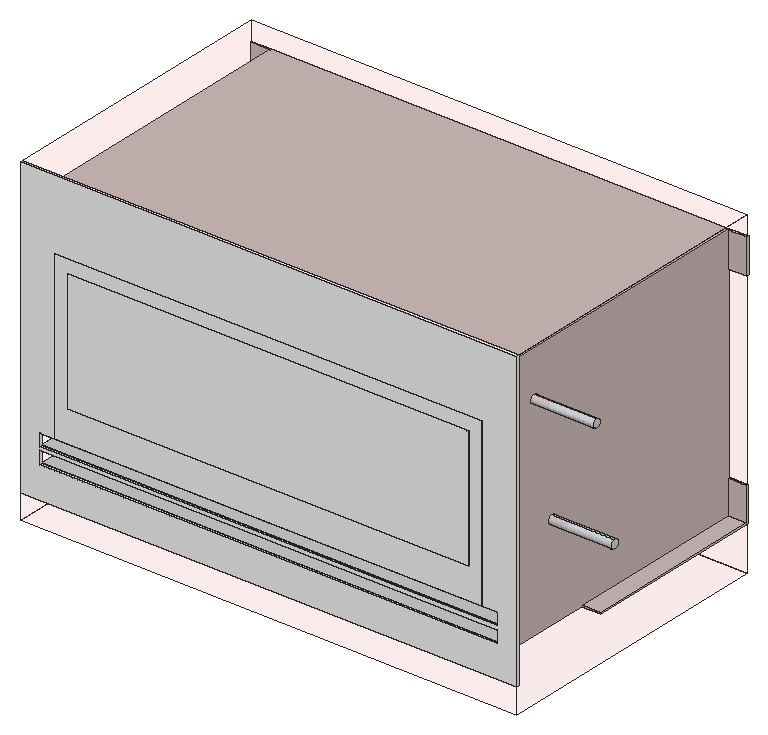
Revit family "Air-Curtain_Customer-Entry_PoweredAire_ECC-ST", category Mechanical Equipment, host Face, Revit 2023
Family settings
  Host = Face
  Round Connector Dimension = Use Diameter
  Part Type = Normal
  OmniClass Number = 23.75.35.17.21
  OmniClass Title = Air Curtains
  Cut with Voids When Loaded = No
  Maintain Annotation Orientation = No
  Shared = No
  Room Calculation Point = No
Parameters
  upperpiperotation [instance] = if(Upper Pipe Connection Side A, 0.00°, 180.00°)  # 0.00°
  lowerpiperotation [instance] = if(Lower Pipe Connection Side A, 0.00°, 180.00°)  # 0.00°
  locateupperpipe [instance] = if(Upper Pipe Connection Side A, 0' 0", Nozzle Width)  # 0' - 0"
  locatelowerpipe [instance] = if(Lower Pipe Connection Side A, 0' 0", Nozzle Width)  # 0' - 0"
  Warranty Duration (Years) = 0
  Upper Pipe Connection Side A [instance] = yes
  Unit Width Notes = "Other Widths available."  # constant formula
  Unit Width = 3' - 3"
  Unit Weight = 0
  Unit Height = 1' - 10 3/4"
  Unit Depth = 1' - 11 1/4"
  URL = "http://www.poweredaire.com/"
  Test Data = ""
  Standards Conformance = "as Specified"
  Specification = "http://www.arcat.com/sdspecs/htm04/23_34_33pai.htm"
  SpecWizard = ""
  Sound Pressure = "as Specified"
  Sales Information = "http://www.poweredaire.com/contact_us"
  Revision = "R1_2016-08"
  Projection from Host [instance] = 0' - 2"
  Product Properties = ""
  Product Data = "http://www.arcat.com/arcatcos/cos47/arc47623.html"
  Power Rating = 0 W
  Piping_Water Flow [instance] = 0 GPM
  Piping_Operating Pressure [instance] = 0.00 psi
  Piping_Exit Temperature [instance] = 0 °F
  Piping_Entry Temperature [instance] = 0 °F
  Pipe OD [instance] = 5/8"
  Nozzle Width = if(1 = 1, Unit Width - 0' 3", 0' 0")  # 3' - 0"
  Mounting Width = if(1 = 1, Unit Width - 0' 1 1/2", 0' 0")  # 3' - 1 1/2"
  Mounting Height [instance] = 3' - 6"
  Motor RPM = 0
  Motor HP = 0
  Motor Count = 0
  Model = "As Specified"
  Max Height = 0' - 0"
  Manufacturer Website = "http://www.poweredaire.com/"
  Manufacturer Phone - Toll Free = "888-321-2473"
  Manufacturer Phone = "724-588-3305"
  Manufacturer Fax = "724-588-3371"
  Manufacturer Address = "109 Mortensen Rd.  Greenville, PA 16125"
  Manufacturer = "Powered Aire, Inc"
  Maintenance Schedule (Months) = 0
  Lower Pipe Connection Side A [instance] = yes
  Keynote = "23 34 33"
  Installation-Fabrication = ""
  Installation Phase = ""
  Include Clearance [instance] = yes
  Heating Element Load = 0 W
  HVAC_Temperature Rise = 0 °F
  HVAC_Outlet Volume = 0 CFM
  HVAC_Outlet Velocity Uniformity = 0
  HVAC_Outlet Velocity = 0 FPM
  HVAC_BTU Input = 0.0 Btu/h
  Green Building-LEED = "http://www.arcat.com/green/clients/leed_data_47623.html"
  Front Grating Material [instance] = Metal - Steel - PoweredAire - White Perforated
  Frame Finish [instance] = Metal - Steel - PoweredAire - Stainless 304
  Expected Lifespan (Years) = 0
  Electrical_Wattage [instance] = Power Rating + Heating Element Load  # 0 W
  Electrical_Voltage [instance] = 0 V
  Electrical_Phase [instance] = 1
  Electrical_Frequency [instance] = 0 Hz
  Electrical_Amperage [instance] = 0 A
  Drawn By = "Sumex Design, Inc. / Robert S. Weygant, CSI, CDT, SCIP"
  Description = "Powered Aire Air Curtain as Specified"
  Default Elevation = 0' - 0"  # constant formula
  Cover Finish [instance] = Metal - Steel - PoweredAire - White
  Copyright = "©Arcat Inc."
  Construction Details = "http://www.arcat.com/details/powair/prod3336.html"
  Clearance_Top [instance] = 0' - 0"
  Clearance_Side B [instance] = 0' - 0"
  Clearance_Side A [instance] = 0' - 0"
  Clearance_Intake [instance] = 0' - 0"
  Clearance_Front [instance] = 0' - 0"
  Clearance Material [instance] = ARCAT Clearance
  Building Codes = ""
  Available Options [instance] = "as Specified"
  Assembly Code = "D3090400"
Reference planes (in)
  plane 1 "Center (Elevation)": y = 11.51318
  plane 2: z = 0
  plane 3 "Center (Left/Right)": x = 0
  plane 4: y = 22.88818
  plane 5: y = 0.13818
  plane 6: x = -19.5
  plane 7: x = 19.5
  plane 8: z = 25.25
  plane 9 "FF": y = -41.86182
  plane 10: z = 2
  plane 11: x = 18
  plane 12: x = -18
  plane 13: y = 22.88818
  plane 14: y = 0.13818
  plane 15: x = -19.5
  plane 16: x = 19.5
  plane 17: z = 25.25
  plane 18: y = 0.38818
  plane 19: x = 18
  plane 20: x = 18
  plane 21: z = 20.25
  plane 22: z = 11
Forms (in)
  Extrusion 1, solid, material "ARCAT Clearance" <- "Clearance Material", visible <- "Include Clearance"
    sketch origin (0, 0, 0) x (0, 1, 0) y (0, 0, 1)
      loop
        line (0.13818, 25.25) -> (0.13818, 0) -> (22.88818, 0) -> (22.88818, 25.25) -> (0.13818, 25.25)
    from -19.5 to 19.5
  Extrusion 2, solid, material "Metal - Steel - PoweredAire - White" <- "Cover Finish"
    sketch origin (0, 11.51318, 0) x (1, 0, 0) y (0, 0, 1)
      loop
        line (-19.5, 25.25) -> (-19.5, 2) -> (19.5, 2) -> (19.5, 25.25) -> (-19.5, 25.25)
    from 11.125 to 11.375
  Extrusion 3, solid, material "Metal - Steel - PoweredAire - Stainless 304" <- "Frame Finish"
    sketch origin (0, 11.51318, 0) x (1, 0, 0) y (0, 0, 1)
      loop
        line (18, 23.75) -> (-18, 23.75) -> (-18, 3.5) -> (18, 3.5) -> (18, 23.75)
    from -11.375 to 11.125
  Extrusion 4, void
    sketch origin (0, 0, 0) x (0, 1, 0) y (0, 0, 1)
      loop
        line (0.13818, 5.5) -> (0.13818, 4.5) -> (1.88818, 4.5) -> (1.88818, 6.75) -> (0.13818, 6.75) -> (0.13818, 5.75) -> (1.63818, 5.75) -> (1.63818, 5.5) -> (0.13818, 5.5)
    from -18 to 18
  Extrusion 5, solid, material "Metal - Steel - PoweredAire - White" <- "Cover Finish"
    sketch origin (-11.83813, 0.13818, 48) x (-1, 0, 0) y (0, 0, 1)
      loop
        line (4.91187, -41.25) -> (4.91187, -28.25) -> (-28.58813, -28.25) -> (-28.58813, -41.25) -> (4.91187, -41.25)
    from 0 to -0.03125
  Extrusion 6, solid, material "Metal - Steel - PoweredAire - White Perforated" <- "Front Grating Material"
    sketch origin (-11.83813, 0.10693, 48) x (1, 0, 0) y (0, 0, 1)
      loop
        line (-3.91187, -29.25) -> (-3.91187, -38.75) -> (27.58813, -38.75) -> (27.58813, -29.25) -> (-3.91187, -29.25)
    from 0 to 0.03125
  Extrusion 7, solid, material "Metal - Steel - PoweredAire - Stainless 304" <- "Frame Finish"
    sketch origin (-15.17702, -180, 2) x (-1, 0, 0) y (0, -1, 0)
      loop
        line (-33.17702, -202.88818) -> (-33.17702, -188.38818) -> (-34.67702, -188.38818) -> (-34.67702, -202.88818) -> (-33.17702, -202.88818)
      loop
        line (2.82298, -202.88818) -> (4.32298, -202.88818) -> (4.32298, -188.38818) -> (2.82298, -188.38818) -> (2.82298, -202.88818)
    from 1.5 to 1.625
  Extrusion 8, solid, material "Metal - Steel - PoweredAire - Stainless 304" <- "Frame Finish"
    sketch origin (-11.83813, 22.88818, 48) x (-1, 0, 0) y (0, 0, 1)
      loop
        line (7.66187, -44.5) -> (7.66187, -41.75) -> (6.16187, -41.75) -> (6.16187, -44.5) -> (7.66187, -44.5)
      loop
        line (-31.33813, -44.5) -> (-29.83813, -44.5) -> (-29.83813, -41.75) -> (-31.33813, -41.75) -> (-31.33813, -44.5)
      loop
        line (7.66187, -27) -> (7.66187, -24.25) -> (6.16187, -24.25) -> (6.16187, -27) -> (7.66187, -27)
      loop
        line (-31.33813, -27) -> (-29.83813, -27) -> (-29.83813, -24.25) -> (-31.33813, -24.25) -> (-31.33813, -27)
    from 0 to -0.125
  Sweep 9, solid
    path origin (18, 11.51318, 20.25) x (1, 0, 0) y (0, 0, 1)
      loop
        line (0, 0) -> (5, 0)
    profile origin (20.5, 11.51318, 20.25) x (0, 0, 1) y (0, -1, 0)
      loop
        circle (0, 7.875) r 0.3125
  Sweep 10, solid
    path origin (18, 11.51318, 11) x (1, 0, 0) y (0, 0, 1)
      loop
        line (0, 0) -> (5, 0)
    profile origin (20.5, 11.51318, 11) x (0, 0, 1) y (0, -1, 0)
      loop
        circle (0, 6.125) r 0.3125
Cuts and joins
  Extrusion 4 cuts Extrusion 1
  Extrusion 4 cuts Extrusion 2
  Extrusion 4 cuts Extrusion 3
Lines and regions (in)
  reference lines
    curve 1: line (18, 11.51318, 20.25) -> (25.75, 11.51318, 20.25)
    curve 2: line (18, 11.51318, 11) -> (26.25, 11.51318, 11)
Dimensions and locks (in)
  equal spacing: plane 4, plane 1 "Center (Elevation)", plane 5
  "Unit Height": plane 4 to plane 5
  equal spacing: plane 6, plane 3 "Center (Left/Right)", plane 7
  "Unit Width": plane 6 to plane 7
  "Mounting Height": plane 5 to plane 9 "FF"
  "Projection from Host": plane 10 to level
  "Unit Depth": plane 8 to plane 10
  locked: plane 6 to plane 12 at 1.5
  locked: plane 11 to plane 7 at 1.5
  "Clearance_Side A": plane 7 to plane 16
  "Clearance_Side B": plane 15 to plane 6
  "Clearance_Top": plane 13 to plane 4
  "Clearance_Intake": plane 5 to plane 14
  "Clearance_Front": plane 17 to plane 8
  locked: plane 8 to Extrusion 3 sketch curve at 1.5
  locked: Extrusion 3 sketch curve to plane 10 at 1.5
  locked: plane 7 to Extrusion 3 sketch curve at 1.5
  locked: Extrusion 3 sketch curve to plane 6 at 1.5
  locked: plane 18 to plane 5 at 0.25
  Extrusion 4 sketch curve to Extrusion 4 sketch curve to Extrusion 4 sketch curve to Extrusion 4 sketch curve to plane 10 = 0' - 1" locked, 0' - 0 1/4" locked, 0' - 1" locked, 0' - 2 1/2" locked
  Extrusion 5 sketch curve to Extrusion 5 sketch curve to plane 10 = 1' - 1" locked, 0' - 4 3/4" locked
  locked: plane 11 to Extrusion 5 sketch curve at 1.25
  locked: Extrusion 5 sketch curve to plane 12 at 1.25
  Extrusion 6 sketch curve to Extrusion 6 sketch curve to plane 10 = 0' - 9 1/2" locked, 0' - 7 1/4" locked
  locked: Extrusion 6 sketch curve to plane 12 at 2.25
  locked: plane 11 to Extrusion 6 sketch curve at 2.25
  locked: plane 4 to Extrusion 7 sketch curve at 14.5  (x2)
  Extrusion 8 sketch curve to Extrusion 8 sketch curve to Extrusion 8 sketch curve to Extrusion 8 sketch curve to plane 10 = 0' - 2 3/4" locked, 1' - 2 3/4" locked, 0' - 2 3/4" locked, 0' - 1 1/2" locked  (x2)
  "locatelowerpipe": plane 19 to plane 11
  "locateupperpipe": plane 20 to plane 11
  locked: plane 8 to plane 21 at 5
  locked: plane 22 to plane 10 at 9
  locked: curve 1 to Sweep 9 sketch curve at 5
  locked: curve 1 to Sweep 9 sketch curve
  locked: curve 2 to Sweep 10 sketch curve at 5
  locked: curve 2 to Sweep 10 sketch curve
  locked: plane 5 to Sweep 9 sketch curve at 3.5
  locked: plane 5 to Sweep 10 sketch curve at 5.25
  "lowerpiperotation": angle plane 21 to curve 1
  "upperpiperotation": angle plane 22 to curve 2
  aligned and locked: plane 2 to host face
  aligned and locked: level to host face
  aligned and locked: Extrusion 1 sketch curve to plane 17
  aligned and locked: plane 14 to Extrusion 1 sketch curve
  aligned and locked: level to Extrusion 1 sketch curve
  aligned and locked: Extrusion 1 sketch curve to plane 13
  aligned and locked: plane 16 to Extrusion 1
  aligned and locked: Extrusion 1 to plane 15
  aligned and locked: Extrusion 2 sketch curve to plane 8
  aligned and locked: plane 6 to Extrusion 2 sketch curve
  aligned and locked: Extrusion 2 sketch curve to plane 10
  aligned and locked: Extrusion 2 sketch curve to plane 7
  aligned and locked: Extrusion 3 to plane 4
  aligned and locked: Extrusion 3 to plane 18
  aligned and locked: Extrusion 2 to plane 18
  aligned and locked: Extrusion 2 to plane 5
  aligned and locked: plane 11 to Extrusion 4
  aligned and locked: Extrusion 4 to plane 12
  aligned and locked: Extrusion 7 sketch curve to plane 4  (x2)
  aligned and locked: plane 20 to curve 2
  aligned and locked: plane 22 to curve 2
  aligned and locked: plane 19 to curve 1
  aligned and locked: plane 21 to curve 1
Automatic sketch dimensions
  host sketch curve to host sketch curve = 8' - 0"  (x2)
  Extrusion 4 sketch curve to plane 5 = 0' - 0"  (x2)
  plane 18 to Extrusion 4 sketch curve = 0' - 1 1/4"
  Extrusion 4 sketch curve to Extrusion 4 sketch curve = 0' - 0 1/4"
  Extrusion 7 sketch curve to plane 7 = 0' - 0"
  Extrusion 7 sketch curve to plane 11 = 0' - 0"
  Extrusion 7 sketch curve to plane 12 = 0' - 0"
  Extrusion 7 sketch curve to plane 6 = 0' - 0"
  Extrusion 8 sketch curve to plane 7 = 0' - 0"  (x2)
  Extrusion 8 sketch curve to plane 11 = 0' - 0"  (x2)
  Extrusion 8 sketch curve to plane 12 = 0' - 0"  (x2)
  Extrusion 8 sketch curve to plane 6 = 0' - 0"  (x2)
  profile plane to Sweep 9 sketch curve = 0' - 0"
  profile plane to Sweep 10 sketch curve = 0' - 0"
  radius of Sweep 9 sketch curve = 0' - 0 5/16"
  radius of Sweep 10 sketch curve = 0' - 0 5/16"
Connectors (in)
  electrical at (-18, 6.38818, 9.625), driven by "Electrical_Voltage", driven by "Electrical_Phase"
    settings: on cut or joined group of Extrusion 3, Extrusion 4, index 1, voltage 0 V, apparent load 0 VA, apparent load phase1 0 VA, apparent load phase2 0 VA, apparent load phase3 0 VA, power factor 1, load classification "Other", number of poles 1, system type 31, power factor state 1, is connector primary yes, connector utility no, sub classification motor no, connector description ""
  piping at (23, 3.63818, 20.25), diameter 0.625, driven by "Pipe OD"
    settings: on Sweep 9, index 2, connector inside diameter 24", connector length 0' - 0", flow factor 0, pipe flow 0 GPM, pressure drop 0.00 psi, fitting loss kfactor 0, connector angle 0.00°, fixture units 0, engagement length 0' - 0", angle of deflection 0.00°, flow configuration 0, flow direction 0, fitting loss method 0, system type 29, joint type 0, gender type 0, connector reference index -1, connector utility 0, adjustable connector no, is connector primary no, connector description "Define Supply or Return and Location"
  piping at (23, 5.38818, 11), diameter 0.625, driven by "Pipe OD"
    settings: on Sweep 10, index 3, connector inside diameter 24", connector length 0' - 0", flow factor 0, pipe flow 0 GPM, pressure drop 0.00 psi, fitting loss kfactor 0, connector angle 0.00°, fixture units 0, engagement length 0' - 0", angle of deflection 0.00°, flow configuration 0, flow direction 0, fitting loss method 0, system type 29, joint type 0, gender type 0, connector reference index -1, connector utility 0, adjustable connector no, is connector primary yes, connector description "Define Supply or Return and Location"
